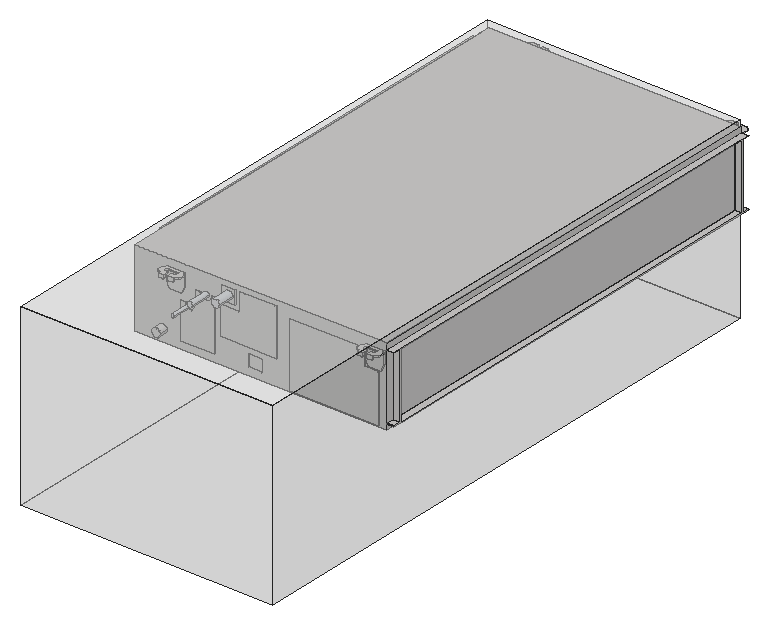
Revit family "outputfile", category 機械設備, Revit 2024
Family settings
  丸型コネクタ寸法 = 半径を使用
  パーツ タイプ = 標準
  OmniClass 番号 = 23.75.10.24.21.27.27
  OmniClass タイトル = Split System Air Conditioning Units
  作業面ベース = いいえ
  常に垂直 = はい
  ロード時にボイドで切り取り = いいえ
  注釈の向きを維持 = いいえ
  共有 = いいえ
  部屋計算ポイント = はい
Parameters (values of type "FXSQ125PAV4")
  Description = ""
  製造元 = "Daikin"
  書き出し IFC クラス(タイプ) = "IfcUnitaryEquipmentType"
  定義済み IFC タイプ(タイプ) = "AIRCONDITIONINGUNIT"
  Cost = 0
  モデル = "FXSQ125PAV4"
  Type Comments = ""
  Keynote = ""
  Type Image = (empty or 0)
  Assembly Code = ""
  r_Liquid Pipe Size = Liquid Pipe Size / 2  # 4.75 mm
  r_Gas Pipe Size = Gas Pipe Size / 2  # 7.95 mm
  r_Drain Pipe Size = Drain Pipe Size / 2  # 12.5 mm
  lw_power = 770.0 mm  # constant formula
  lh_SA = 138.0 mm  # constant formula
  lw_SA = if(Depth = 550.0 mm, 225.0 mm, if(Depth = 700.0 mm, 300.0 mm, if(Depth = 1000.0 mm, 450.0 mm, if(Depth = 1400.0 mm, 650.0 mm, 725.0 mm))))  # 650.0 mm
  lw_RA = if(Depth = 550.0 mm, 275.0 mm, if(Depth = 700.0 mm, 349.0 mm, if(Depth = 1000.0 mm, 499.0 mm, if(Depth = 1400.0 mm, 699.0 mm, 775.0 mm))))  # 699.0 mm
  lh_power = 60.0 mm + [h***]  # 60.0 mm
  lh_mountinghole1 = lh_mountinghole + [h***]  # 222.0 mm
  lh_RA = 123.0 mm  # constant formula
  ld_power = Depth / 2  # 700.0 mm
  Voltage_comment_60Hz = "220"
  Voltage_comment_50Hz = "220-240"
  Voltage_60Hz = 220 V
  Voltage_50Hz = 220 V
  URL = ""
  Supply Air Direction [instance] = yes
  Sound Power Level_H speed (dB) = 70
  Phase_60Hz = 1
  Phase_50Hz = 1
  Minimum External Static Pressure = 50.00 Pa
  Minimum Circuit Amps_60Hz = 2.8 A
  Minimum Circuit Amps_50Hz = 2.8 A
  Maximum Fuse Amps_60Hz = 16.0 A
  Maximum Fuse Amps_50Hz = 16.0 A
  Maximum External Static Pressure = 150.00 Pa
  Material_Casing = DAIKIN_GalvanizedSteel_Casing_indoorunit
  lw_mountinghole = 630.0 mm  # constant formula
  lh_gaspipe = 183.0 mm + [h***]  # 183.0 mm
  lh_mountinghole = 222.0 mm  # constant formula
  lh_liquidpipe = 136.0 mm + [h***]  # 136.0 mm
  lh_drainpipe = 207.0 mm + [h***]  # 207.0 mm
  lh_antena = Height - lh_mountinghole + 1.0 mm  # 24.0 mm
  ld_drainpipe = Depth / 2 + 53.0 mm  # 753.0 mm
  ld_liquidpipe = Depth / 2 + 69.0 mm  # 769.0 mm
  ld_gaspipe = Depth / 2 + 65.0 mm  # 765.0 mm
  ld_mountinghole = Depth + 38.0 mm  # 1438.0 mm
  h*** = 0.0 mm  # constant formula
  lw_liquidpipe = 179.0 mm  # constant formula
  lw_gaspipe = 229.0 mm  # constant formula
  lw_drainpipe = 300.0 mm  # constant formula
  Width = 800.0 mm
  Version = "ver.1.0"
  Unit Type = "Middle Static Pressure Duct Type"
  Unit Mass Weight = 47.00 kg
  Unit Designation [instance] = ""
  Uniclass2015Version = "Products v1.30"
  Uniclass2015Title = "Variable refrigerant flow units"
  Uniclass2015Code = "Pr_70_65_03_94"
  Total Heating Capacity [instance] = 0.000 kW
  Total Cooling Capacity [instance] = 0.000 kW
  Sound Pressure Level_M speed (dBA) = 0
  Sound Pressure Level_L speed (dBA) = 35
  Sound Pressure Level_H speed (dBA) = 42
  Series = "VRV Fan Coil Unit"
  Sensible Cooling Capacity [instance] = 0.000 kW
  SA Duct Size Width = if(Depth = 550.0 mm, 337.0 mm, if(Depth = 700.0 mm, 492.0 mm, if(Depth = 1000.0 mm, 792.0 mm, if(Depth = 1400.0 mm, 1192.0 mm, 1337.0 mm))))  # 1192.0 mm
  SA Duct Size Height = 176.0 mm
  Refrigerant Type = "R410A"
  RA Duct Size Width = if(Depth = 550.0 mm, 502.0 mm, if(Depth = 700.0 mm, 654.0 mm, if(Depth = 1000.0 mm, 952.0 mm, if(Depth = 1400.0 mm, 1352.0 mm, 1502.0 mm))))  # 1352.0 mm
  RA Duct Size Height = 208.0 mm
  Power Input (Heating) = 0.355 kW
  Power Input (Cooling) = 0.360 kW
  Option Accessory 3 [instance] = ""
  Option Accessory 2 [instance] = ""
  Option Accessory 1 [instance] = ""
  Nominal Heating Capacity = 16.000 kW
  Nominal Cooling Capacity = 14.000 kW
  Minimum Airflow = 1560.00 m³/h
  Median Airflow = 1890.00 m³/h
  Maximum Airflow = 2220.00 m³/h
  Load Classification = HVAC
  Liquid Pipe Size = 9.5 mm
  Link_Nested Family [instance] = ""
  IfcVersion = "0"
  IfcExportType = "AIRCONDITIONINGUNIT"
  IfcExportAs = "IfcUnitaryEquipmentType"
  Height = 245.0 mm
  Heating Entering Wet Bulb Temperature [instance] = 0.00 °C
  Heating Entering Dry Bulb Temperature [instance] = 0.00 °C
  Heating Ambient Wet Bulb Temperature [instance] = 0.00 °C
  Heating Ambient Dry Bulb Temperature [instance] = 0.00 °C
  Heat Exchanger Type = "Cross Fin Coil"
  Gas Pipe Size = 15.9 mm
  Frequency_60Hz = 60 Hz
  Frequency_50Hz = 50 Hz
  Fan Type = "Sirocco Fan"
  Fan Drive = "Direct Drive"
  FCU Tag No. [instance] = ""
  Drain Pipe Size = 25.0 mm
  Design Supply Airflow [instance] = 0.00 m³/h
  Design Return Airflow [instance] = 0.00 m³/h
  Design External Static Pressure [instance] = 0.00 Pa
  Depth = 1400.0 mm
  既定の高さ = 0.0 mm
  Cooling Entering Wet Bulb Temperature [instance] = 0.00 °C
  Cooling Entering Dry Bulb Temperature [instance] = 0.00 °C
  Cooling Ambient Wet Bulb Temperature [instance] = 0.00 °C
  Cooling Ambient Dry Bulb Temperature [instance] = 0.00 °C
  Clearance visibility [instance] = yes
  Clearance Top = 20.0 mm
  Clearance Right = 0.0 mm
  Clearance Rear = 0.0 mm
  Clearance Left = 0.0 mm
  Clearance Front = 450.0 mm
  Clearance Bottom = 300.0 mm
Reference planes
  plane 1 "Center (Front/Back)": y = 0
  plane 2 "h": z = 0
  plane 3 "Center (Left/Right)": x = 0
  plane 4 "Back": y = 700
  plane 5 "Front": y = -700
  plane 6 "Left": x = -400
  plane 7 "Reight": x = 400
  plane 8 "Top": z = 0
  plane 9 "Bottom": z = -245
  plane 10: y = -215
  plane 11: y = 700
  plane 12: y = -1150
  plane 13: x = -400
  plane 14: x = 400
  plane 15: z = 20
  plane 16: z = -545
  plane 17: x = -400
  plane 18: x = -399
  plane 19: x = 399
  plane 20: y = 50
  plane 21: y = -1
  plane 22: z = -122
  plane 23: y = -701
  plane 24: z = -109
  plane 25: x = -221
  plane 26: y = -765
  plane 27: z = -62
  plane 28: x = -171
  plane 29: y = -753
  plane 30: z = -38
  plane 31: x = -100
  plane 32: x = -100
  plane 33: x = -221
  plane 34: x = -171
  plane 35: x = 370
  plane 36: x = -266
  plane 37: x = 364
  plane 38: y = -719
  plane 39: y = 719
  plane 40: z = -23
  plane 41: z = -107
  plane 42: y = -770
  plane 43: z = -207
  plane 44: x = -309
  plane 45: y = -726
  plane 46: x = -251
  plane 47: x = -203
  plane 48: x = -144
  plane 49: z = -59
  plane 50: z = -106
  plane 51: z = -221
  plane 52: z = -109
  plane 53: x = -221
  plane 54: z = -62
  plane 55: x = -171
  plane 56: z = -17
  plane 57: z = -59
  plane 58: x = -121
  plane 59: x = -79
  plane 60: x = -125
  plane 61: x = -64
  plane 62: x = 53
  plane 63: z = -164
  plane 64: z = -73
  plane 65: z = -16
  plane 66: x = 93.5
  plane 67: x = 374.5
  plane 68: x = 330
  plane 69: z = -88.5
  plane 70: z = -38
  plane 71: z = -242.5
  plane 72: x = -38.5
  plane 73: x = 6.5
  plane 74: z = -181
  plane 75: z = -221
  plane 76: y = -699
  plane 77: x = -424
  plane 78: x = 424
Forms (mm)
  Extrusion 1, solid, material "DAIKIN_GalvanizedSteel_Casing_indoorunit" <- "Material_Casing"
    sketch origin (0, 0, 0) x (1, 0, 0) y (0, 1, 0)
      loop
        line (-399, 700) -> (-399, -700) -> (399, -700) -> (399, 700) -> (-399, 700)
    from -245 to 0
  Extrusion 2, solid, material "DAIKIN_GalvanizedSteel_Casing_indoorunit" <- "Material_Casing"
    sketch origin (0, 0, 0) x (1, 0, 0) y (0, 0, 1)
      loop
        line (-251, -221) -> (-144, -221) -> (-144, -59) -> (-154.47, -59)
        arc (-154.47, -59) -> (-171, -78.8) -> (-187.53, -59) r 16.8
        line (-187.53, -59) -> (-203, -59) -> (-203, -106) -> (-206.916, -106)
        arc (-206.916, -106) -> (-221, -123.4) -> (-235.084, -106) r 14.4
        line (-235.084, -106) -> (-251, -106) -> (-251, -221)
    from 700 to 701
  Extrusion 3, solid, material "DAIKIN_GalvanizedSteel_Casing_indoorunit" <- "Material_Casing"
    sketch origin (0, 0, 0) x (1, 0, 0) y (0, 0, 1)
      loop
        line (-121, -17) -> (-121, -59) -> (-79, -59) -> (-79, -17) -> (-121, -17)
      loop
        line (-125, -73) -> (-125, -164) -> (53, -164) -> (53, -16) -> (-64, -16) -> (-64, -73) -> (-125, -73)
    from 700 to 701
  Extrusion 4, solid, material "DAIKIN_GalvanizedSteel_Casing_indoorunit" <- "Material_Casing"
    sketch origin (0, 0, 0) x (1, 0, 0) y (0, 0, 1)
      loop
        line (93.5, -38) -> (93.5, -242.5) -> (374.5, -242.5) -> (374.5, -88.5) -> (330, -88.5) -> (330, -38) -> (93.5, -38)
    from 700 to 701
  Extrusion 5, solid
    sketch origin (0, 0, 0) x (1, 0, 0) y (0, 0, 1)
      loop
        circle (-221, -109) r 4.75
    from 700 to 770
  Extrusion 6, solid
    sketch origin (0, 0, 0) x (1, 0, 0) y (0, 0, 1)
      loop
        circle (-171, -62) r 7.95
    from 700 to 765
  Extrusion 7, solid
    sketch origin (0, 0, 0) x (1, 0, 0) y (0, 0, 1)
      loop
        circle (-100, -38) r 12.5
    from 701 to 753
  Extrusion 8, solid, material "DAIKIN_GalvanizedSteel_Casing_indoorunit" <- "Material_Casing"
    sketch origin (0, 0, 0) x (1, 0, 0) y (0, 0, 1)
      loop
        circle (-309, -207) r 13
    from 700 to 726
  Extrusion 9, void
    sketch origin (0, 0, 0) x (1, 0, 0) y (0, 0, 1)
      loop
        line (-38.5, -181) -> (-38.5, -221) -> (6.5, -221) -> (6.5, -181) -> (-38.5, -181)
    from 699 to 700
Cuts and joins
  Extrusion 9 cuts Extrusion 1
Dimensions and locks
  "Height": plane 8 "Top" to plane 9 "Bottom"
  equal spacing: plane 4 "Back", plane 1 "Center (Front/Back)", plane 5 "Front"
  "Depth": plane 4 "Back" to plane 5 "Front"
  equal spacing: plane 6 "Left", plane 3 "Center (Left/Right)", plane 7 "Reight"
  "Width": plane 6 "Left" to plane 7 "Reight"
  "Clearance Left": plane 13 to plane 6 "Left"
  "Clearance Right": plane 7 "Reight" to plane 14
  "Clearance Rear": plane 11 to plane 4 "Back"
  "Clearance Front": plane 5 "Front" to plane 12
  "Clearance Top": plane 15 to plane 8 "Top"
  "Clearance Bottom": plane 9 "Bottom" to plane 16
  locked: plane 17 to plane 18 at 1
  locked: plane 19 to plane 14 at 1
  "lw_SA": plane 11 to plane 20
  "lw_RA": plane 21 to plane 5 "Front"
  "lh_RA": plane 22 to plane 9 "Bottom"
  locked: plane 5 "Front" to plane 23 at 1
  "lw_liquidpipe": plane 25 to plane 6 "Left"
  "lh_liquidpipe": plane 24 to plane 9 "Bottom"
  "lh_gaspipe": plane 27 to plane 9 "Bottom"
  "lw_gaspipe": plane 28 to plane 6 "Left"
  "ld_gaspipe": plane 26 to plane 1 "Center (Front/Back)"
  "ld_drainpipe": plane 29 to plane 1 "Center (Front/Back)"
  "lh_drainpipe": plane 30 to plane 9 "Bottom"
  "lw_drainpipe": plane 31 to plane 6 "Left"
  "lw_drainpipe": plane 6 "Left" to plane 32
  "lw_liquidpipe": plane 6 "Left" to plane 33
  "lw_gaspipe": plane 6 "Left" to plane 34
  "lw_power": plane 6 "Left" to plane 35
  locked: plane 17 to plane 36 at 134
  "lw_mountinghole": plane 36 to plane 37
  equal spacing: plane 38, plane 1 "Center (Front/Back)", plane 39
  "ld_mountinghole": plane 39 to plane 38
  "lh_mountinghole": plane 40 to plane 9 "Bottom"
  "lh_SA": plane 41 to plane 9 "Bottom"
  "ld_liquidpipe": plane 21 to plane 42
  locked: plane 44 to plane 6 "Left" at 91
  locked: plane 43 to plane 9 "Bottom" at 38
  locked: plane 5 "Front" to plane 45 at 26
  plane 48 to plane 47 to plane 46 to plane 6 "Left" = 59.0 mm, 48.0 mm, 149.0 mm
  plane 8 "Top" to plane 49 to plane 50 to plane 51 = 59.0 mm locked, 47.0 mm locked, 115.0 mm locked
  plane 55 to plane 53 to plane 6 "Left" = 50.0 mm locked, 179.0 mm locked
  plane 54 to plane 52 to plane 9 "Bottom" = 47.0 mm locked, 136.0 mm locked
  plane 59 to plane 58 to plane 6 "Left" = 42.0 mm locked, 279.0 mm locked
  plane 8 "Top" to plane 56 to plane 57 = 17.0 mm locked, 42.0 mm locked
  plane 62 to plane 61 to plane 60 to plane 6 "Left" = 117.0 mm, 61.0 mm, 275.0 mm
  plane 8 "Top" to plane 65 to plane 64 = 16.0 mm locked, 57.0 mm locked
  locked: plane 65 to plane 63 at 148
  plane 8 "Top" to plane 70 to plane 69 to plane 71 = 38.0 mm locked, 50.5 mm locked, 154.0 mm locked
  plane 67 to plane 68 to plane 66 to plane 6 "Left" = 44.5 mm locked, 236.5 mm locked, 493.5 mm locked
  plane 8 "Top" to plane 74 to plane 75 = 181.0 mm locked, 40.0 mm locked
  plane 73 to plane 72 to plane 6 "Left" = 45.0 mm, 361.5 mm
  locked: plane 76 to plane 5 "Front" at 1
  locked: plane 77 to plane 17 at 24
  locked: plane 14 to plane 78 at 24
  locked: Extrusion 4 sketch curve to plane 9 "Bottom" at 2.5
  "r_Liquid Pipe Size": radius of Extrusion 5 sketch curve
  "r_Gas Pipe Size": radius of Extrusion 6 sketch curve
  "r_Drain Pipe Size": radius of Extrusion 7 sketch curve
  aligned and locked: level to plane 2 "h"
  aligned and locked: plane 8 "Top" to Extrusion 1
  aligned and locked: Extrusion 1 to plane 9 "Bottom"
  aligned and locked: nested 5 to plane 12
  aligned and locked: plane 13 to nested 5
  aligned and locked: plane 14 to nested 5
  aligned and locked: nested 5 to plane 13
  aligned and locked: plane 11 to nested 5
  aligned and locked: plane 15 to nested 5
  aligned and locked: plane 16 to nested 5
  aligned and locked: plane 5 "Front" to Extrusion 1 sketch curve
  aligned and locked: Extrusion 1 to plane 18
  aligned and locked: plane 19 to Extrusion 1
  aligned and locked: nested 7 to plane 18
  aligned and locked: nested 7 to plane 20
  aligned and locked: plane 19 to nested 8
  aligned and locked: plane 21 to nested 8
  aligned and locked: plane 22 to nested 8
  aligned and locked: Extrusion 2 to plane 23
  aligned and locked: plane 5 "Front" to Extrusion 2
  aligned and locked: Extrusion 3 to plane 23
  aligned and locked: plane 5 "Front" to Extrusion 3
  aligned and locked: plane 5 "Front" to Extrusion 4
  aligned and locked: Extrusion 5 sketch curve to plane 25
  aligned and locked: plane 24 to Extrusion 5 sketch curve
  aligned and locked: plane 5 "Front" to Extrusion 5
  aligned and locked: Extrusion 6 sketch curve to plane 28
  aligned and locked: plane 27 to Extrusion 6 sketch curve
  aligned and locked: plane 5 "Front" to Extrusion 6
  aligned and locked: Extrusion 7 sketch curve to plane 31
  aligned and locked: Extrusion 7 sketch curve to plane 30
  aligned and locked: Extrusion 7 to plane 29
  aligned and locked: plane 23 to Extrusion 7
  aligned and locked: nested 3 to plane 29
  aligned and locked: nested 3 to plane 32
  aligned and locked: nested 2 to plane 33
  aligned and locked: nested 1 to plane 34
  aligned and locked: Extrusion 6 to plane 26
  aligned and locked: nested 1 to plane 26
  aligned and locked: nested 6 to plane 5 "Front"
  aligned and locked: nested 6 to plane 35
  aligned and locked: plane 36 to nested 10
  aligned and locked: nested 10 to plane 5 "Front"
  aligned and locked: plane 37 to nested 9
  aligned and locked: nested 9 to plane 5 "Front"
  aligned and locked: nested 11 to plane 36
  aligned and locked: plane 4 "Back" to nested 11
  aligned and locked: nested 12 to plane 37
  aligned and locked: plane 4 "Back" to nested 12
  aligned and locked: plane 40 to nested 10
  aligned and locked: plane 40 to nested 11
  aligned and locked: plane 40 to nested 9
  aligned and locked: plane 40 to nested 12
  aligned and locked: plane 36 to nested 14
  aligned and locked: nested 14 to plane 39
  aligned and locked: plane 37 to nested 13
  aligned and locked: nested 13 to plane 39
  aligned and locked: plane 37 to nested 16
  aligned and locked: plane 38 to nested 16
  aligned and locked: plane 38 to nested 15
  aligned and locked: plane 36 to nested 15
  aligned and locked: plane 17 to plane 6 "Left"
  aligned and locked: plane 41 to nested 7
  aligned and locked: Extrusion 5 to plane 42
  aligned and locked: nested 2 to plane 42
  aligned and locked: Extrusion 8 sketch curve to plane 44
  aligned and locked: plane 43 to Extrusion 8 sketch curve
  aligned and locked: plane 5 "Front" to Extrusion 8
  aligned and locked: plane 45 to Extrusion 8
  aligned and locked: Extrusion 3 sketch curve to plane 56
  aligned and locked: Extrusion 3 sketch curve to plane 58
  aligned and locked: plane 57 to Extrusion 3 sketch curve
  aligned and locked: plane 59 to Extrusion 3 sketch curve
  aligned and locked: Extrusion 4 to plane 23
  aligned and locked: Extrusion 9 sketch curve to plane 74
  aligned and locked: plane 75 to Extrusion 9 sketch curve
  aligned and locked: plane 73 to Extrusion 9 sketch curve
  aligned and locked: plane 5 "Front" to Extrusion 9
  aligned and locked: plane 76 to Extrusion 9
  aligned and locked: nested 17 to plane 20
  aligned and locked: nested 17 to plane 77
  aligned and locked: plane 21 to nested 18
  aligned and locked: plane 78 to nested 18
  aligned and locked: plane 41 to nested 17
  aligned and locked: nested 18 to plane 22
  aligned and locked: nested 4 to plane 3 "Center (Left/Right)"
  aligned and locked: plane 1 "Center (Front/Back)" to nested 4
  aligned and locked: level to plane 8 "Top"
Automatic sketch dimensions
  plane 6 "Left" to Extrusion 1 sketch curve = 1.0 mm
  Extrusion 1 sketch curve to plane 7 "Reight" = 1.0 mm
  Extrusion 1 sketch curve to plane 4 "Back" = 0.0 mm
  Extrusion 2 sketch curve to plane 46 = 0.0 mm
  Extrusion 2 sketch curve to plane 33 = 0.0 mm
  Extrusion 2 sketch curve to plane 47 = 0.0 mm
  Extrusion 2 sketch curve to plane 34 = 0.0 mm
  Extrusion 2 sketch curve to plane 48 = 0.0 mm
  Extrusion 2 sketch curve to plane 52 = 0.0 mm
  Extrusion 2 sketch curve to plane 50 = 0.0 mm  (x3)
  Extrusion 2 sketch curve to plane 54 = 0.0 mm
  Extrusion 2 sketch curve to plane 49 = 0.0 mm  (x3)
  plane 33 to Extrusion 2 sketch curve = 14.084 mm
  plane 34 to Extrusion 2 sketch curve = 16.53 mm
  Extrusion 3 sketch curve to plane 60 = 0.0 mm
  Extrusion 3 sketch curve to plane 61 = 0.0 mm
  Extrusion 3 sketch curve to plane 62 = 0.0 mm
  Extrusion 3 sketch curve to plane 64 = 0.0 mm
  Extrusion 3 sketch curve to plane 65 = 0.0 mm
  Extrusion 4 sketch curve to plane 66 = 0.0 mm
  Extrusion 4 sketch curve to plane 68 = 0.0 mm
  Extrusion 4 sketch curve to plane 67 = 0.0 mm
  Extrusion 4 sketch curve to plane 69 = 0.0 mm
  Extrusion 4 sketch curve to plane 70 = 0.0 mm
  Extrusion 9 sketch curve to plane 72 = 0.0 mm
  Extrusion 2 sketch curve to plane 51 = 0.0 mm
  Extrusion 3 sketch curve to plane 63 = 0.0 mm
  radius of Extrusion 8 sketch curve = 13.0 mm
Nested families
  nested 1: "daikin_connector_rotate2" at (-171, 0, -62), length <- "ld_gaspipe", built-in parameter 1001364 <- "lh_gaspipe", radius <- "r_Gas Pipe Size", type "daikin_connector_rotate2"
    with radius 7.95 mm, length 765.0 mm, angle_vertical 90.00°
  nested 2: "daikin_connector_rotate2" at (-221, -1, -109), length <- "ld_liquidpipe", built-in parameter 1001364 <- "lh_liquidpipe", radius <- "r_Liquid Pipe Size", type "daikin_connector_rotate2"
    with radius 4.75 mm, length 769.0 mm, angle_vertical 90.00°
  nested 3: "daikin_connector_rotate2" at (-100, 0, -38), length <- "ld_drainpipe", built-in parameter 1001364 <- "lh_drainpipe", radius <- "r_Drain Pipe Size", type "daikin_connector_rotate2"
    with radius 12.5 mm, length 753.0 mm, angle_vertical 90.00°
  nested 4: "daikin_△_symbolicline" at (0, 0, 245) x (0, -1, 0) z (0, 0, 1), built-in parameter 1001364 <- "Height", visible <- "Supply Air Direction", type "daikin_△_symbolicline"
    with length 200.0 mm
  nested 5: "daikin_clearancespace" at (0, -225, -262.381), visible <- "Clearance visibility", show <- "Clearance visibility", Link_Nested Family <- "Link_Nested Family", type "daikin_clearancespace"
    with width 800.0 mm, show yes, height 565.0 mm, depth 1850.0 mm, Link_Nested Family ""
  nested 6: "daikin_connector_rotate2" at (370, 0, -185), built-in parameter 1001364 <- "lh_power", length <- "ld_power", type "daikin_connector_rotate2"
    with radius 10.0 mm, length 700.0 mm, angle_vertical 90.00°
  nested 7: "daikin_ductflange_FXSQ-PAV4_2" at (-399, 50, -107) x (0, -1, 0) z (0, 0, 1), type "daikin_ductflange_FXSQ-PAV4_2"
    with width 1192.0 mm, w 1400.0 mm
  nested 8: "daikin_ductflange_FXSQ-PAV4_1" at (399, -1, -122) x (0, 1, 0) z (0, 0, 1), type "daikin_ductflange_FXSQ-PAV4_1"
    with width 1352.0 mm, w 1400.0 mm
  nested 9: "daikin_hangerfixture_FXSQ-PAV4" at (364, -700, -23), type "daikin_hangerfixture_FXSQ-PAV4"
  nested 10: "daikin_hangerfixture_FXSQ-PAV4" at (-266, -700, -23), type "daikin_hangerfixture_FXSQ-PAV4"
  nested 11: "daikin_hangerfixture_FXSQ-PAV4" at (-266, 700, -23) x (-1, 0, 0) z (0, 0, 1), type "daikin_hangerfixture_FXSQ-PAV4"
  nested 12: "daikin_hangerfixture_FXSQ-PAV4" at (364, 700, -23) x (-1, 0, 0) z (0, 0, 1), type "daikin_hangerfixture_FXSQ-PAV4"
  nested 13: "daikin_mountinghole" at (364, 719, -245), h_mountinghole <- "lh_mountinghole1", l_antenna <- "lh_antena", Link_Nested Family <- "Link_Nested Family", type "daikin_mountinghole"
    with show yes, l_antenna 24.0 mm, h_mountinghole 222.0 mm, Link_Nested Family ""
  nested 14: "daikin_mountinghole" at (-266, 719, -245), h_mountinghole <- "lh_mountinghole1", l_antenna <- "lh_antena", Link_Nested Family <- "Link_Nested Family", type "daikin_mountinghole"
    with show yes, l_antenna 24.0 mm, h_mountinghole 222.0 mm, Link_Nested Family ""
  nested 15: "daikin_mountinghole" at (-266, -719, -245), h_mountinghole <- "lh_mountinghole1", l_antenna <- "lh_antena", Link_Nested Family <- "Link_Nested Family", type "daikin_mountinghole"
    with show yes, l_antenna 24.0 mm, h_mountinghole 222.0 mm, Link_Nested Family ""
  nested 16: "daikin_mountinghole" at (364, -719, -245), h_mountinghole <- "lh_mountinghole1", l_antenna <- "lh_antena", Link_Nested Family <- "Link_Nested Family", type "daikin_mountinghole"
    with show yes, l_antenna 24.0 mm, h_mountinghole 222.0 mm, Link_Nested Family ""
  nested 17: "daikin_connector_rotate2" at (-400, 50, -107) x (0, -1, 0) z (0, 0, 1), type "daikin_connector_rotate2"
    with radius 10.0 mm, length 24.0 mm, angle_vertical 90.00°
  nested 18: "daikin_connector_rotate2" at (400, -1, -122) x (0, 1, 0) z (0, 0, 1), type "daikin_connector_rotate2"
    with radius 10.0 mm, length 24.0 mm, angle_vertical 90.00°
Connectors
  piping at (-100, -753, -38), diameter 25, driven by "r_Drain Pipe Size"
    settings: on nested 3, index 3, connector inside diameter 609.6 mm, connector length 0.0 mm, flow factor 0, pipe flow 0.00 m³/h, pressure drop 0.0 Pa, fitting loss kfactor 0, connector angle 0.00°, fixture units 0, engagement length 0.0 mm, angle of deflection 0.00°, flow configuration 1, flow direction 2, fitting loss method 4, system type 16, joint type 0, gender type 0, connector reference index -1, connector utility 0, adjustable connector no, is connector primary yes, connector description "Condensate Drain Piping"
  piping at (-171, -765, -62), diameter 15.9, driven by "r_Gas Pipe Size"
    settings: on nested 1, index 4, connector inside diameter 609.6 mm, connector length 0.0 mm, flow factor 0, pipe flow 0.00 m³/h, pressure drop 0.0 Pa, fitting loss kfactor 0, connector angle 0.00°, fixture units 0, engagement length 0.0 mm, angle of deflection 0.00°, flow configuration 1, flow direction 2, fitting loss method 0, system type 29, joint type 0, gender type 0, connector reference index -1, connector utility 0, adjustable connector no, is connector primary no, connector description "Refrigerant Gas Piping"
  piping at (-221, -770, -109), diameter 9.5, driven by "r_Liquid Pipe Size"
    settings: on nested 2, index 5, connector inside diameter 609.6 mm, connector length 0.0 mm, flow factor 0, pipe flow 0.00 m³/h, pressure drop 0.0 Pa, fitting loss kfactor 0, connector angle 0.00°, fixture units 0, engagement length 0.0 mm, angle of deflection 0.00°, flow configuration 1, flow direction 1, fitting loss method 0, system type 29, joint type 0, gender type 0, connector reference index -1, connector utility 0, adjustable connector no, is connector primary no, connector description "Refrigerant Liquid Piping"
  electrical at (370, -700, -185), driven by "Load Classification"
    settings: on nested 6, index 6, voltage 0 V, apparent load 0 VA, apparent load phase1 0 VA, apparent load phase2 0 VA, apparent load phase3 0 VA, power factor 1, load classification "HVAC", number of poles 1, system type 30, power factor state 1, is connector primary yes, connector utility no, sub classification motor no, connector description "Power Supply"
  hvac at (-424, 50, -107), driven by "SA Duct Size Height", driven by "SA Duct Size Width"
    settings: on nested 17, index 7, duct flow 0.00 m³/h, flow factor 0, pres drop 0.00 Pa, loss coef 0, conn angle 0.00°, conn width 1192.0 mm, conn height 176.0 mm, conn diameter 609.6 mm, duct sys type 1, conn prof type 1, flow config 0, flow direction 2, loss method 4, conn ref index -1, conn util no, is conn primary yes, conn desc "SA Duct"
  hvac at (424, -1, -122), driven by "RA Duct Size Height", driven by "RA Duct Size Width"
    settings: on nested 18, index 8, duct flow 0.00 m³/h, flow factor 0, pres drop 0.00 Pa, loss coef 0, conn angle 0.00°, conn width 1352.0 mm, conn height 208.0 mm, conn diameter 609.6 mm, duct sys type 2, conn prof type 1, flow config 0, flow direction 1, loss method 4, conn ref index -1, conn util no, is conn primary no, conn desc "RA Duct"
Definition of nested family "daikin_clearancespace"
  Parameters (values of type "daikin_clearancespace")
    width [instance] = 1823.963 mm
    show [instance] = yes
    material = none
    height [instance] = 1359.762 mm
    depth [instance] = 880.0 mm
    Default Elevation = 0.0 mm
    Link_Nested Family [instance] = ""
  Reference planes
    plane 1 "Center (Front/Back)": y = 0
    plane 2 "Center (Elevation)": z = -0.119
    plane 3 "Center (Left/Right)": x = 0
    plane 4: y = 440
    plane 5: y = -440
    plane 6 "Right": x = 911.982
    plane 7 "Left": x = -911.982
    plane 8 "Top": z = 679.762
    plane 9 "Bottom": z = -680
  Forms (mm)
    Extrusion 1, solid, material <- "material", visible <- "show"
      sketch origin (0, 0, 0) x (1, 0, 0) y (0, 1, 0)
        loop
          line (-911.982, 440) -> (-911.982, -440) -> (911.982, -440) -> (911.982, 440) -> (-911.982, 440)
      from -680 to 679.762
  Lines and regions (mm)
    symbolic lines, visible <- "show"
      curve 1: line (911.982, 440, 0) -> (-911.982, 440, 0)
      curve 2: line (-911.982, 440, 0) -> (-911.982, -440, 0)
      curve 3: line (-911.982, -440, 0) -> (911.982, -440, 0)
      curve 4: line (911.982, -440, 0) -> (911.982, 440, 0)
      curve 5: line (911.982, 0, 679.762) -> (-911.982, 0, 679.762)
      curve 6: line (911.982, 0, -680) -> (911.982, 0, 679.762)
      curve 7: line (-911.982, 0, -680) -> (911.982, 0, -680)
      curve 8: line (-911.982, 0, 679.762) -> (-911.982, 0, -680)
      curve 9: line (0, 440, 679.762) -> (0, -440, 679.762)
      curve 10: line (0, -440, 679.762) -> (0, -440, -680)
      curve 11: line (0, 440, -680) -> (0, 440, 679.762)
      curve 12: line (0, -440, -680) -> (0, 440, -680)
  Dimensions and locks
    "width": plane 7 "Left" to plane 6 "Right"
    "depth": plane 4 to plane 5
    "height": plane 8 "Top" to plane 9 "Bottom"
    equal spacing: plane 7 "Left", plane 3 "Center (Left/Right)", plane 6 "Right"
    equal spacing: plane 4, plane 1 "Center (Front/Back)", plane 5
    equal spacing: plane 8 "Top", plane 2 "Center (Elevation)", plane 9 "Bottom"
    aligned and locked: level to plane 2 "Center (Elevation)"
    aligned and locked: Extrusion 1 sketch curve to plane 4
    aligned and locked: plane 7 "Left" to Extrusion 1 sketch curve
    aligned and locked: Extrusion 1 sketch curve to plane 5
    aligned and locked: Extrusion 1 sketch curve to plane 6 "Right"
    aligned and locked: plane 8 "Top" to Extrusion 1
    aligned and locked: curve 1 to Extrusion 1
    aligned and locked: curve 2 to Extrusion 1
    aligned and locked: curve 3 to Extrusion 1
    aligned and locked: curve 4 to Extrusion 1
    aligned and locked: curve 5 to Extrusion 1
    aligned and locked: curve 6 to Extrusion 1
    aligned and locked: curve 7 to Extrusion 1
    aligned and locked: curve 8 to Extrusion 1
    aligned and locked: curve 9 to Extrusion 1
    aligned and locked: curve 10 to Extrusion 1
    aligned and locked: curve 11 to Extrusion 1
    aligned and locked: curve 12 to Extrusion 1
    aligned and locked: Extrusion 1 to plane 9 "Bottom"
Definition of nested family "daikin_ductflange_FXSQ-PAV4_2"
  Parameters (values of type "daikin_ductflange_FXMQ-PAVE2")
    width = if(w = 550.0 mm, 337.0 mm, if(w = 700.0 mm, 492.0 mm, if(w = 1000.0 mm, 792.0 mm, if(w = 1400.0 mm, 1192.0 mm, 1337.0 mm))))  # 337.0 mm
    material = none
    height = 215.0 mm
    depth = 1.0 mm
    w = 550.0 mm
    Default Elevation = 0.0 mm
  Reference planes
    plane 1 "Center (Front/Back)": y = 0
    plane 2: z = 0
    plane 3 "Center (Left/Right)": x = 0
    plane 4: z = 88
    plane 5: z = -88
    plane 6: y = -25
    plane 7: z = 106
    plane 8: z = 89
    plane 9: y = -1
    plane 10: x = -192.5
    plane 11: x = 192.5
    plane 12: z = -106
    plane 13: z = -89
    plane 14: y = -1
    plane 15: x = 168.5
    plane 16: x = -168.5
    plane 17: x = 169.5
    plane 18: z = 87
    plane 19: z = -87
    plane 20: x = -169.5
    plane 21: z = 87
    plane 22: z = -87
    plane 23: y = -1
  Forms (mm)
    Extrusion 1, solid, material <- "material"
      sketch origin (0, 0, 0) x (0, 1, 0) y (0, 0, 1)
        loop
          line (-25, 88) -> (0, 88) -> (0, 106) -> (-1, 106) -> (-1, 89) -> (-25, 89) -> (-25, 88)
      from -192.5 to 192.5
    Extrusion 2, solid, material <- "material"
      sketch origin (0, 0, 0) x (0, 1, 0) y (0, 0, 1)
        loop
          line (-25, -88) -> (-25, -89) -> (-1, -89) -> (-1, -106) -> (0, -106) -> (0, -88) -> (-25, -88)
      from -192.5 to 192.5
    Extrusion 3, solid, material <- "material"
      sketch origin (0, 0, 0) x (1, 0, 0) y (0, 0, 1)
        loop
          line (168.5, 88) -> (168.5, -88) -> (192.5, -88) -> (192.5, -87) -> (169.5, -87) -> (169.5, 87) -> (192.5, 87) -> (192.5, 88) -> (168.5, 88)
      from 0 to 25
    Extrusion 4, solid, material <- "material"
      sketch origin (0, 0, 0) x (1, 0, 0) y (0, 0, 1)
        loop
          line (-192.5, 88) -> (-192.5, 87) -> (-169.5, 87) -> (-169.5, -87) -> (-192.5, -87) -> (-192.5, -88) -> (-168.5, -88) -> (-168.5, 88) -> (-192.5, 88)
      from 0 to 25
    Extrusion 5, solid, material <- "material"
      sketch origin (0, 0, 0) x (1, 0, 0) y (0, 0, 1)
        loop
          line (-192.5, 88) -> (-192.5, -88) -> (-168.5, -88) -> (-168.5, 88) -> (-192.5, 88)
        loop
          line (192.5, 88) -> (168.5, 88) -> (168.5, -88) -> (192.5, -88) -> (192.5, 88)
      from 0 to 1
  Cuts and joins
    joined: Extrusion 1, Extrusion 2, Extrusion 3, Extrusion 4, Extrusion 5
  Dimensions and locks
    plane 4 to level to plane 5 = 88.0 mm, 88.0 mm
    locked: plane 6 to plane 1 "Center (Front/Back)" at 25
    locked: plane 9 to plane 1 "Center (Front/Back)" at 1
    locked: plane 8 to plane 4 at 1
    locked: plane 16 to plane 10 at 24
    locked: plane 17 to plane 15 at 1
    locked: plane 4 to plane 18 at 1
    locked: plane 19 to plane 5 at 1
    "width": plane 15 to plane 16
    plane 4 to plane 5 = 176.0 mm
    locked: plane 16 to plane 20 at 1
    locked: plane 4 to plane 21 at 1
    locked: plane 22 to plane 5 at 1
    locked: plane 23 to plane 1 "Center (Front/Back)" at 1
    plane 4 to level to plane 5 = 88.0 mm locked, 88.0 mm locked
    locked: plane 5 to plane 13 at 1
    locked: plane 5 to plane 12 at 18
    locked: plane 7 to plane 4 at 18
    equal spacing: plane 15, plane 3 "Center (Left/Right)", plane 16
    locked: plane 11 to plane 15 at 24
    plane 11 to plane 10 = 385.0 mm
    aligned and locked: level to plane 2
    aligned and locked: Extrusion 1 to plane 10
    aligned and locked: plane 11 to Extrusion 1
    aligned and locked: plane 5 to Extrusion 2
    aligned and locked: Extrusion 2 to plane 1 "Center (Front/Back)"
    aligned and locked: plane 15 to Extrusion 3 sketch curve
    aligned and locked: Extrusion 3 sketch curve to Extrusion 2  (x2)
    aligned and locked: Extrusion 3 sketch curve to plane 11
    aligned and locked: plane 6 to Extrusion 3
    aligned and locked: Extrusion 2 to plane 10
    aligned and locked: plane 11 to Extrusion 2
    aligned and locked: Extrusion 4 sketch curve to Extrusion 1  (x2)
    aligned and locked: plane 5 to Extrusion 4 sketch curve
    aligned and locked: Extrusion 4 sketch curve to plane 16
    aligned and locked: Extrusion 4 sketch curve to plane 22
    aligned and locked: plane 20 to Extrusion 4 sketch curve
    aligned and locked: plane 21 to Extrusion 4 sketch curve
    aligned and locked: Extrusion 4 to plane 1 "Center (Front/Back)"
    aligned and locked: plane 6 to Extrusion 4
    aligned and locked: Extrusion 5 sketch curve to Extrusion 1  (x4)
    aligned and locked: Extrusion 5 sketch curve to Extrusion 4  (x2)
    aligned and locked: Extrusion 5 sketch curve to Extrusion 3  (x2)
    aligned and locked: Extrusion 5 to plane 1 "Center (Front/Back)"
    aligned and locked: plane 23 to Extrusion 5
  Automatic sketch dimensions
    Extrusion 1 sketch curve to plane 6 = 0.0 mm
    Extrusion 1 sketch curve to plane 7 = 0.0 mm
    Extrusion 1 sketch curve to plane 9 = 0.0 mm
    Extrusion 1 sketch curve to plane 1 "Center (Front/Back)" = 0.0 mm
    Extrusion 1 sketch curve to plane 4 = 0.0 mm
    Extrusion 1 sketch curve to plane 8 = 0.0 mm
    Extrusion 2 sketch curve to plane 6 = 0.0 mm
    plane 12 to Extrusion 2 sketch curve = 0.0 mm
    Extrusion 2 sketch curve to plane 14 = 0.0 mm
    Extrusion 2 sketch curve to plane 1 "Center (Front/Back)" = 0.0 mm
    plane 13 to Extrusion 2 sketch curve = 0.0 mm
    Extrusion 2 sketch curve to plane 5 = 0.0 mm
    Extrusion 3 sketch curve to plane 17 = 0.0 mm
    Extrusion 3 sketch curve to plane 19 = 0.0 mm
    Extrusion 3 sketch curve to plane 18 = 0.0 mm
    Extrusion 3 sketch curve to plane 4 = 0.0 mm
    Extrusion 4 sketch curve to plane 10 = 0.0 mm
Definition of nested family "daikin_ductflange_FXSQ-PAV4_1"
  Parameters (values of type "daikin_ductflange_FXMQ-PAVE")
    width = if(w = 550.0 mm, 502.0 mm, if(w = 700.0 mm, 654.0 mm, if(w = 1000.0 mm, 952.0 mm, if(w = 1400.0 mm, 1352.0 mm, 1502.0 mm))))  # 502.0 mm
    material = none
    height = 208.0 mm
    depth = 1.0 mm
    w = 550.0 mm
    Default Elevation = 0.0 mm
  Reference planes
    plane 1 "Center (Front/Back)": y = 0
    plane 2: z = 0
    plane 3 "Center (Left/Right)": x = 0
    plane 4: z = 104
    plane 5: z = -104
    plane 6: y = -25
    plane 7: z = 121
    plane 8: z = 105
    plane 9: y = -1
    plane 10: x = -275
    plane 11: x = 275
    plane 12: z = -122
    plane 13: z = -105
    plane 14: y = -1
    plane 15: x = 251
    plane 16: x = -251
    plane 17: x = 252
    plane 18: z = 103
    plane 19: z = -103
    plane 20: x = -252
    plane 21: z = 103
    plane 22: z = -103
    plane 23: y = -1
  Forms (mm)
    Extrusion 1, solid, material <- "material"
      sketch origin (0, 0, 0) x (0, 1, 0) y (0, 0, 1)
        loop
          line (-25, 104) -> (0, 104) -> (0, 121) -> (-1, 121) -> (-1, 105) -> (-25, 105) -> (-25, 104)
      from -275 to 275
    Extrusion 2, solid, material <- "material"
      sketch origin (0, 0, 0) x (0, 1, 0) y (0, 0, 1)
        loop
          line (-25, -104) -> (-25, -105) -> (-1, -105) -> (-1, -122) -> (0, -122) -> (0, -104) -> (-25, -104)
      from -275 to 275
    Extrusion 3, solid, material <- "material"
      sketch origin (0, 0, 0) x (1, 0, 0) y (0, 0, 1)
        loop
          line (251, 104) -> (251, -104) -> (275, -104) -> (275, -103) -> (252, -103) -> (252, 103) -> (275, 103) -> (275, 104) -> (251, 104)
      from 0 to 25
    Extrusion 4, solid, material <- "material"
      sketch origin (0, 0, 0) x (1, 0, 0) y (0, 0, 1)
        loop
          line (-275, 104) -> (-275, 103) -> (-252, 103) -> (-252, -103) -> (-275, -103) -> (-275, -104) -> (-251, -104) -> (-251, 104) -> (-275, 104)
      from 0 to 25
    Extrusion 5, solid, material <- "material"
      sketch origin (0, 0, 0) x (1, 0, 0) y (0, 0, 1)
        loop
          line (-275, 104) -> (-275, -104) -> (-251, -104) -> (-251, 104) -> (-275, 104)
        loop
          line (275, 104) -> (251, 104) -> (251, -104) -> (275, -104) -> (275, 104)
      from 0 to 1
  Cuts and joins
    joined: Extrusion 1, Extrusion 2, Extrusion 3, Extrusion 4, Extrusion 5
  Dimensions and locks
    plane 4 to level to plane 5 = 104.0 mm, 104.0 mm
    locked: plane 6 to plane 1 "Center (Front/Back)" at 25
    locked: plane 9 to plane 1 "Center (Front/Back)" at 1
    locked: plane 8 to plane 4 at 1
    locked: plane 11 to plane 15 at 24
    locked: plane 16 to plane 10 at 24
    locked: plane 17 to plane 15 at 1
    locked: plane 4 to plane 18 at 1
    locked: plane 19 to plane 5 at 1
    "width": plane 15 to plane 16
    equal spacing: plane 15, plane 3 "Center (Left/Right)", plane 16
    locked: plane 16 to plane 20 at 1
    locked: plane 4 to plane 21 at 1
    locked: plane 22 to plane 5 at 1
    locked: plane 23 to plane 1 "Center (Front/Back)" at 1
    locked: plane 7 to plane 4 at 17
    locked: plane 1 "Center (Front/Back)" to plane 14 at 1
    locked: plane 5 to plane 13 at 1
    "height": plane 4 to plane 5
    plane 11 to plane 10 = 550.0 mm
    locked: plane 12 to plane 13 at 17
    equal spacing: plane 4, level, plane 5
    aligned and locked: level to plane 2
    aligned and locked: Extrusion 1 to plane 10
    aligned and locked: plane 11 to Extrusion 1
    aligned and locked: plane 5 to Extrusion 2
    aligned and locked: Extrusion 2 to plane 1 "Center (Front/Back)"
    aligned and locked: plane 15 to Extrusion 3 sketch curve
    aligned and locked: Extrusion 3 sketch curve to Extrusion 2  (x2)
    aligned and locked: Extrusion 3 sketch curve to plane 11
    aligned and locked: plane 6 to Extrusion 3
    aligned and locked: Extrusion 2 to plane 10
    aligned and locked: plane 11 to Extrusion 2
    aligned and locked: Extrusion 4 sketch curve to Extrusion 1  (x2)
    aligned and locked: plane 5 to Extrusion 4 sketch curve
    aligned and locked: Extrusion 4 sketch curve to plane 16
    aligned and locked: Extrusion 4 sketch curve to plane 22
    aligned and locked: plane 20 to Extrusion 4 sketch curve
    aligned and locked: plane 21 to Extrusion 4 sketch curve
    aligned and locked: Extrusion 4 to plane 1 "Center (Front/Back)"
    aligned and locked: plane 6 to Extrusion 4
    aligned and locked: Extrusion 5 sketch curve to Extrusion 1  (x4)
    aligned and locked: Extrusion 5 sketch curve to Extrusion 4  (x2)
    aligned and locked: Extrusion 5 sketch curve to Extrusion 3  (x2)
    aligned and locked: Extrusion 5 to plane 1 "Center (Front/Back)"
    aligned and locked: plane 23 to Extrusion 5
  Automatic sketch dimensions
    Extrusion 1 sketch curve to plane 6 = 0.0 mm
    Extrusion 1 sketch curve to plane 7 = 0.0 mm
    Extrusion 1 sketch curve to plane 9 = 0.0 mm
    Extrusion 1 sketch curve to plane 1 "Center (Front/Back)" = 0.0 mm
    Extrusion 1 sketch curve to plane 4 = 0.0 mm
    Extrusion 1 sketch curve to plane 8 = 0.0 mm
    Extrusion 2 sketch curve to plane 6 = 0.0 mm
    plane 12 to Extrusion 2 sketch curve = 0.0 mm
    Extrusion 2 sketch curve to plane 14 = 0.0 mm
    Extrusion 2 sketch curve to plane 1 "Center (Front/Back)" = 0.0 mm
    plane 13 to Extrusion 2 sketch curve = 0.0 mm
    Extrusion 2 sketch curve to plane 5 = 0.0 mm
    Extrusion 3 sketch curve to plane 17 = 0.0 mm
    Extrusion 3 sketch curve to plane 19 = 0.0 mm
    Extrusion 3 sketch curve to plane 18 = 0.0 mm
    Extrusion 3 sketch curve to plane 4 = 0.0 mm
    Extrusion 4 sketch curve to plane 10 = 0.0 mm
Definition of nested family "daikin_hangerfixture_FXSQ-PAV4"
  Parameters (values of type "daikin_hangerfixture_FXMQ-PAVE")
    width = 72.0 mm
    material = none
    height = 60.0 mm
    depth = 41.0 mm
    Default Elevation = 0.0 mm
  Reference planes
    plane 1 "Center (Front/Back)": y = 0
    plane 2: z = 0
    plane 3 "Center (Left/Right)": x = 0
    plane 4: y = 417.146
    plane 5: y = -41
    plane 6: x = -36
    plane 7: x = 36
    plane 8: z = -2.3
    plane 9: z = -60
    plane 10: y = -2.3
    plane 11: z = -12
    plane 12: y = -38.7
  Forms (mm)
    Extrusion 1, solid, material <- "material"
      sketch origin (0, 0, 0) x (1, 0, 0) y (0, 1, 0)
        loop
          line (-28, 0) -> (-28, -5)
          arc (-28, -5) -> (-29.127, -8.162) -> (-32, -9.899) r 5
          arc (-32, -9.899) -> (-34.873, -11.636) -> (-36, -14.798) r 5
          line (-36, -14.798) -> (-36, -27.178)
          arc (-36, -27.178) -> (-35.429, -29.499) -> (-33.846, -31.289) r 5
          line (-33.846, -31.289) -> (-23, -38.798) -> (-23, -41.098) -> (-6.5, -41.098) -> (-6.5, -28.498)
          arc (-6.5, -28.498) -> (-7.379, -26.377) -> (-9.5, -25.498) r 3
          line (-9.5, -25.498) -> (-13.5, -25.498)
          arc (-13.5, -25.498) -> (-20, -18.998) -> (-13.5, -12.498) r 6.5
          line (-13.5, -12.498) -> (13.5, -12.498)
          arc (13.5, -12.498) -> (20, -18.998) -> (13.5, -25.498) r 6.5
          line (13.5, -25.498) -> (9.5, -25.498)
          arc (9.5, -25.498) -> (7.379, -26.377) -> (6.5, -28.498) r 3
          line (6.5, -28.498) -> (6.5, -41.098) -> (23, -41.098) -> (23, -38.798) -> (33.846, -31.289)
          arc (33.846, -31.289) -> (35.429, -29.499) -> (36, -27.178) r 5
          line (36, -27.178) -> (36, -14.596)
          arc (36, -14.596) -> (34.873, -11.434) -> (32, -9.697) r 5
          arc (32, -9.697) -> (29.127, -7.96) -> (28, -4.798) r 5
          line (28, -4.798) -> (28, 0) -> (-28, 0)
      from 0 to -2.3
    Extrusion 2, solid, material <- "material"
      sketch origin (0, 0, 0) x (1, 0, 0) y (0, 0, 1)
        loop
          line (28, -39.037) -> (28, 0) -> (-28, 0) -> (-28, -39.037)
          arc (-28, -39.037) -> (-27.91, -39.983) -> (-27.642, -40.894) r 5
          line (-27.642, -40.894) -> (-21.257, -56.857)
          arc (-21.257, -56.857) -> (-19.418, -59.14) -> (-16.615, -60) r 5
          line (-16.615, -60) -> (16.615, -60)
          arc (16.615, -60) -> (19.418, -59.14) -> (21.257, -56.857) r 5
          line (21.257, -56.857) -> (27.642, -40.894)
          arc (27.642, -40.894) -> (27.91, -39.983) -> (28, -39.037) r 5
      from 0 to 2.3
    Extrusion 3, solid, material <- "material"
      sketch origin (0, 0, 0) x (1, 0, 0) y (0, 0, 1)
        loop
          line (-23, 0) -> (-23, -9)
          arc (-23, -9) -> (-22.121, -11.121) -> (-20, -12) r 3
          line (-20, -12) -> (-9.5, -12)
          arc (-9.5, -12) -> (-7.379, -11.121) -> (-6.5, -9) r 3
          line (-6.5, -9) -> (-6.5, 0) -> (-23, 0)
        loop
          line (23, 0) -> (6.5, 0) -> (6.5, -9)
          arc (6.5, -9) -> (7.379, -11.121) -> (9.5, -12) r 3
          line (9.5, -12) -> (20, -12)
          arc (20, -12) -> (22.121, -11.121) -> (23, -9) r 3
          line (23, -9) -> (23, 0)
      from 38.8 to 41.098
  Cuts and joins
    joined: Extrusion 1, Extrusion 2, Extrusion 3
  Dimensions and locks
    plane 2 to plane 8 = 2.3 mm
    "height": plane 2 to plane 9
    locked: plane 10 to plane 1 "Center (Front/Back)" at 2.3
    locked: plane 2 to plane 11 at 12
    locked: plane 12 to plane 5 at 2.3
    aligned and locked: level to plane 2
    aligned and locked: Extrusion 1 to plane 8
    aligned and locked: plane 2 to Extrusion 1
    aligned and locked: plane 2 to Extrusion 2 sketch curve
    aligned and locked: Extrusion 2 to plane 10
    aligned and locked: Extrusion 2 to plane 1 "Center (Front/Back)"
    aligned and locked: Extrusion 3 sketch curve to cut or joined group of Extrusion 1, Extrusion 2, Extrusion 3  (x3)
    aligned and locked: cut or joined group of Extrusion 1, Extrusion 2, Extrusion 3 to Extrusion 3
  Automatic sketch dimensions
    Extrusion 2 sketch curve to plane 7 = 8.0 mm
    Extrusion 2 sketch curve to plane 8 = 36.737 mm
    plane 6 to Extrusion 2 sketch curve = 19.385 mm
    Extrusion 1 sketch curve to plane 6 = 0.0 mm
    plane 1 "Center (Front/Back)" to Extrusion 1 sketch curve = 0.0 mm
    Extrusion 1 sketch curve to plane 7 = 0.0 mm
    plane 6 to Extrusion 1 sketch curve = 2.154 mm
    plane 6 to Extrusion 1 sketch curve = 3.0 mm
    Extrusion 1 sketch curve to Extrusion 1 sketch curve = 5.0 mm  (x3)
    Extrusion 1 sketch curve to plane 12 = 0.098 mm  (x2)
    Extrusion 1 sketch curve to Extrusion 1 sketch curve = 4.0 mm  (x2)
    Extrusion 1 sketch curve to plane 5 = 0.098 mm  (x2)
    Extrusion 1 sketch curve to plane 3 "Center (Left/Right)" = 6.5 mm
    plane 3 "Center (Left/Right)" to Extrusion 1 sketch curve = 6.5 mm
    Extrusion 1 sketch curve to Extrusion 1 sketch curve = 3.0 mm
    Extrusion 1 sketch curve to plane 7 = 8.0 mm
    Extrusion 1 sketch curve to plane 7 = 5.0 mm
    Extrusion 1 sketch curve to plane 7 = 3.0 mm
    Extrusion 1 sketch curve to plane 7 = 2.154 mm
    plane 12 to Extrusion 1 sketch curve = 7.411 mm  (x2)
    plane 12 to Extrusion 1 sketch curve = 10.202 mm  (x2)
    Extrusion 1 sketch curve to Extrusion 1 sketch curve = 6.5 mm  (x2)
    Extrusion 1 sketch curve to Extrusion 1 sketch curve = 12.38 mm
    Extrusion 1 sketch curve to plane 10 = 12.296 mm
    Extrusion 1 sketch curve to plane 10 = 2.7 mm
    Extrusion 1 sketch curve to plane 10 = 2.498 mm
    plane 6 to Extrusion 1 sketch curve = 4.0 mm
    Extrusion 1 sketch curve to Extrusion 1 sketch curve = 0.0 mm  (x2)
    Extrusion 1 sketch curve to plane 7 = 4.0 mm
    Extrusion 1 sketch curve to Extrusion 1 sketch curve = 4.111 mm
    Extrusion 3 sketch curve to level = 0.0 mm  (x2)
    Extrusion 3 sketch curve to plane 11 = 0.0 mm  (x2)
    plane 11 to Extrusion 3 sketch curve = 3.0 mm  (x2)
    plane 3 "Center (Left/Right)" to Extrusion 3 sketch curve = 6.5 mm
    Extrusion 3 sketch curve to Extrusion 3 sketch curve = 3.0 mm  (x2)
    Extrusion 2 sketch curve to plane 9 = 0.0 mm
    Extrusion 2 sketch curve to Extrusion 2 sketch curve = 11.385 mm
    plane 6 to Extrusion 2 sketch curve = 8.0 mm
    plane 9 to Extrusion 2 sketch curve = 20.963 mm
    Extrusion 2 sketch curve to Extrusion 2 sketch curve = 5.0 mm  (x2)
    plane 9 to Extrusion 2 sketch curve = 3.143 mm  (x3)
    Extrusion 2 sketch curve to Extrusion 2 sketch curve = 4.642 mm  (x2)
    Extrusion 2 sketch curve to Extrusion 2 sketch curve = 0.0 mm  (x2)
    Extrusion 2 sketch curve to Extrusion 2 sketch curve = 0.358 mm
    Extrusion 2 sketch curve to Extrusion 2 sketch curve = 1.857 mm  (x2)
Definition of nested family "daikin_connector_rotate2"
  Parameters (values of type "daikin_connector_rotate2")
    Default Elevation = 1219.2 mm
    show_face = no
    radius [instance] = 10.0 mm
    length [instance] = 600.0 mm
    d_surface = 10.0 mm
    angle_vertical [instance] = 90.00°
  Reference planes
    plane 1 "Center (Front/Back)": y = 0
    plane 2: z = 0
    plane 3 "Center (Left/Right)": x = 0
  Forms (mm)
    Extrusion 1, solid, visible <- "show_face"
      sketch origin (0, -600, 0) x (1, 0, 0) y (0, 0, 1)
        loop
          circle (0, 0) r 10
      from 0 to -10
  Lines and regions (mm)
    reference lines
      curve 1: line (0, 0, 0) -> (0, -600, 0)
    symbolic lines
      curve 2: circle (0, 0, 0) r 5 normal (0, 0, 1)
    model lines, visible <- "show_face"
      curve 3: line (0, 0, 0) -> (0, -600, 0)
  Dimensions and locks
    "length": curve 1 to curve 1
    "length": curve 3 to curve 3
    "d_surface": Extrusion 1 to Extrusion 1
    "radius": radius of Extrusion 1 sketch curve
    "angle_vertical": angle curve 1 to plane 1 "Center (Front/Back)"
    "angle_vertical": angle curve 3 to plane 1 "Center (Front/Back)"
    aligned and locked: level to plane 2
    aligned and locked: plane 1 "Center (Front/Back)" to curve 1
    aligned and locked: plane 2 to curve 1
    aligned and locked: plane 1 "Center (Front/Back)" to curve 2
    aligned and locked: plane 3 "Center (Left/Right)" to curve 2
    aligned and locked: plane 1 "Center (Front/Back)" to curve 3
    aligned and locked: plane 2 to curve 3
    aligned and locked: Extrusion 1 to Extrusion 1
  Automatic sketch dimensions
    Extrusion 1 sketch curve to level = 0.0 mm
    Extrusion 1 sketch curve to plane 3 "Center (Left/Right)" = 0.0 mm
    radius of curve 2 = 5.0 mm
Definition of nested family "daikin_△_symbolicline"
  Parameters (values of type "daikin_△_symbolicline")
    length [instance] = 200.0 mm
    Default Elevation = 0.0 mm
  Reference planes
    plane 1 "Center (Front/Back)": y = 0
    plane 2: z = 0
    plane 3 "Center (Left/Right)": x = 0
  Lines and regions (mm)
    symbolic lines
      curve 1: line (0, -173.205, 0) -> (100, 0, 0)
      curve 2: line (100, 0, 0) -> (-100, 0, 0)
      curve 3: line (-100, 0, 0) -> (0, -173.205, 0)
  Dimensions and locks
    equal spacing: curve 3, plane 3 "Center (Left/Right)", curve 2
    "length": curve 3 to curve 2
    "length": curve 3 to curve 3
    "length": curve 1 to curve 1
    aligned and locked: level to plane 2
    aligned and locked: curve 2 to plane 1 "Center (Front/Back)"
    aligned and locked: plane 3 "Center (Left/Right)" to curve 3
Definition of nested family "daikin_mountinghole"
  Parameters (values of type "daikin_mountinghole")
    Default Elevation = 1219.2 mm
    Type Comments = "mountinghole"
    show [instance] = yes
    material = none
    l_centerline = 100.0 mm
    l_antenna [instance] = 100.0 mm
    h_mountinghole [instance] = 0.0 mm
    d_circle = 30.0 mm
    Link_Nested Family [instance] = ""
  Reference planes
    plane 1 "Center (Front/Back)": y = 0
    plane 2: z = 0
    plane 3 "Center (Left/Right)": x = 0
    plane 4: y = 50
    plane 5: x = -50
    plane 6: x = 50
    plane 7: y = -50
    plane 8 "h_mountinghole": z = 0
    plane 9: z = 100
  Lines and regions (mm)
    model lines, detail levels fine
      curve 1: circle (0, 0, 0) r 15 normal (0, 0, 1)
      curve 2: line (-50, 0, 0) -> (50, 0, 0)
      curve 3: line (0, 50, 0) -> (0, -50, 0)
    symbolic lines, detail levels fine
      curve 4: circle (0, 0, 0) r 15 normal (0, 0, 1)
      curve 5: line (-50, 0, 0) -> (50, 0, 0)
      curve 6: line (0, 50, 0) -> (0, -50, 0)
    model lines
      curve 7: line (0, 0, 100) -> (0, 0, 0)
  Dimensions and locks
    equal spacing: plane 4, plane 1 "Center (Front/Back)", plane 7
    "l_centerline": plane 4 to plane 7
    equal spacing: plane 5, plane 3 "Center (Left/Right)", plane 6
    "l_centerline": plane 5 to plane 6
    "l_antenna": plane 9 to plane 8 "h_mountinghole"
    "h_mountinghole": plane 8 "h_mountinghole" to plane 2
    "d_circle": diameter of curve 1
    "d_circle": diameter of curve 4
    aligned and locked: level to plane 2
    aligned and locked: plane 1 "Center (Front/Back)" to curve 1
    aligned and locked: plane 3 "Center (Left/Right)" to curve 1
    aligned and locked: plane 1 "Center (Front/Back)" to curve 2
    aligned and locked: curve 3 to plane 3 "Center (Left/Right)"
    aligned and locked: plane 6 to curve 2
    aligned and locked: plane 5 to curve 2
    aligned and locked: plane 4 to curve 3
    aligned and locked: plane 7 to curve 3
    aligned and locked: plane 1 "Center (Front/Back)" to curve 4
    aligned and locked: plane 3 "Center (Left/Right)" to curve 4
    aligned and locked: plane 6 to curve 5
    aligned and locked: plane 5 to curve 5
    aligned and locked: plane 1 "Center (Front/Back)" to curve 5
    aligned and locked: plane 4 to curve 6
    aligned and locked: plane 7 to curve 6
    aligned and locked: curve 6 to plane 3 "Center (Left/Right)"
    aligned and locked: curve 7 to plane 3 "Center (Left/Right)"
    aligned and locked: plane 9 to curve 7
    aligned and locked: plane 8 "h_mountinghole" to curve 7
